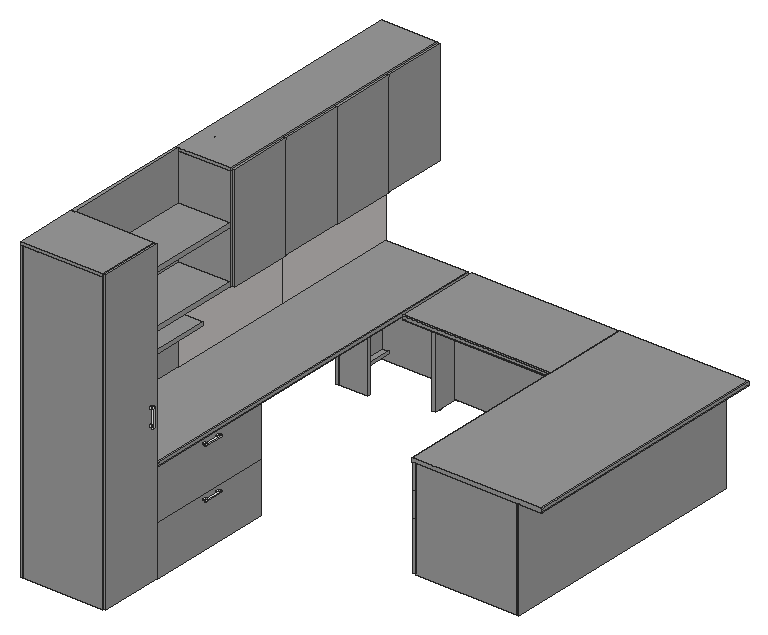
Revit family "JSI-Vision-Typical_Laminate-VST125", category Furniture, Revit 2020 (continued)
Definition of nested family "JSI-Vision-Modular_Lateral_File_Pedestal"
  Definition of nested family "Bar Pull"
    Dimensions and locks (in)
      plane 4 to plane 5 to plane 3 "Center Left/Right" to plane 7 to plane 6 = 0.8" locked, 1.88731" locked, 1.88731" locked, 0.8" locked
      plane 8 to plane 9 to plane 1 "Center Front/Back" = 0.14798" locked, 0.85202" locked
      aligned and locked: level to plane 2
      aligned and locked: plane 4 to Extrusion 3
      aligned and locked: Extrusion 3 to plane 5
      aligned and locked: plane 4 to Extrusion 2
      aligned and locked: Extrusion 1 to plane 7
      aligned and locked: plane 6 to Extrusion 1
      aligned and locked: plane 6 to Extrusion 2
      aligned and locked: plane 8 to Extrusion 2 sketch curve
      aligned and locked: Extrusion 3 to plane 1 "Center Front/Back"
      aligned and locked: Extrusion 1 to plane 1 "Center Front/Back"
      aligned and locked: plane 5 to Extrusion 3
      aligned and locked: Extrusion 3 to plane 4
      aligned and locked: Extrusion 2 to plane 4
      aligned and locked: plane 7 to Extrusion 1
      aligned and locked: Extrusion 1 to plane 6
      aligned and locked: Extrusion 2 to plane 6
  Definition of nested family "Label 1-16"
    Parameters
      Width = 1"
      Model Name = "2 Drw - 2 Drs"
    Reference planes (in)
      plane 1: y = 0
      plane 2: x = 0
    Text (in)
      label "XX" at (0.00051, -0.12324, 0), shows "Model Name"
Definition of nested family "JSI-Vision-Adjustable_Casegood-L_Shape-Modesty_Desk-Bridge"
  Parameters (values of type "VST3672-U42AHFR - Adjustable Casegood L Shape 78"D x 72"W x 29 1/2"-49 1/8"H")
    Width = 72"
    URL = "www.jsifurniture.com"
    Type Comments = ""
    Top Finish = none
    Support Finish = none
    Side Finish = none
    Series = "Vision Casegoods"  # constant formula
    Pull Finish = none
    Post Finish = none
    Modesty Finish = none
    Model = "VST3672-U42AHFR"
    Material = ""
    Manufacturer = "JSI"  # constant formula
    Keynote = "12500"  # constant formula
    JSI Enviromental Website = "http://www.jsifurniture.com/jsi_sustainability_intro.php"
    Height = 29 5/16"
    Glide Finish = none
    Edge Finish = none
    Drawer Finish = none
    Divider Finish = none
    Description = "Adjustable Casegood L Shape Flush Modesty Desk and Bridge Laminate - 78\"D x 72\"W x 29 1/2\"-49 1/8\"H"
    Depth = 78"
    Default Elevation = 0"
    Case Finish = none
    Back Finish = none
    Assembly Code = "E2020200"
    Adj Post Finish = none
  Types (2): name | Model | Height | Description
    VST3672-U42AHFR - Adjustable Casegood L Shape 78"D x 72"W x 29 1/2"-49 1/8"H | "VST3672-U42AHFR" | 29 5/16" | "Adjustable Casegood L Shape Flush Modesty Desk and Bridge Laminate - 78\"D x 72\"W x 29 1/2\"-49 1/8\"H"
    VSV3672-U42AHFR - Adjustable Casegood L Shape 78"D x 72"W x 29 1/2"-49 1/8"H | "VSV3672-U42AHFR" | 29.313" | "Adjustable Casegood L Shape Flush Modesty Desk and Bridge Veneer - 78\"D x 72\"W x 29 1/2\"-49 1/8\"H"
  Reference planes (in)
    plane 1 "Center Front/Back": y = 0
    plane 2: z = 0
    plane 3 "Center Left/Right": x = 0
    plane 4: z = 0.3125
    plane 5: z = 28.125
    plane 6: z = 29.3125
    plane 7: y = -36
    plane 8: y = -76.9375
    plane 9: x = 72
    plane 10: y = -8.49999
    plane 11: y = -41.48437
    plane 12: y = -74.46874
    plane 13: y = -78
  Forms (in)
    Extrusion 1, solid, material <- "Top Finish"
      sketch origin (0, 0, 0) x (0, 1, 0) y (0, 0, 1)
        loop
          arc (-35.875, 29.3125) -> (-35.96339, 29.27589) -> (-36, 29.1875) r 0.125
          line (-36, 29.1875) -> (-36, 28.25)
          arc (-36, 28.25) -> (-35.96339, 28.16161) -> (-35.875, 28.125) r 0.125
          line (-35.875, 28.125) -> (-0.11811, 28.125)
          arc (-0.11811, 28.125) -> (-0.03459, 28.15959) -> (0, 28.24311) r 0.11811
          line (0, 28.24311) -> (0, 29.19439)
          arc (0, 29.19439) -> (-0.03459, 29.27791) -> (-0.11811, 29.3125) r 0.11811
          line (-0.11811, 29.3125) -> (-35.875, 29.3125)
      from 0 to 72
    Extrusion 2, solid, material <- "Top Finish"
      sketch origin (0, 0, 0) x (1, 0, 0) y (0, 0, 1)
        loop
          line (24, 28.24311) -> (24, 29.19439)
          arc (24, 29.19439) -> (23.96541, 29.27791) -> (23.88189, 29.3125) r 0.11811
          line (23.88189, 29.3125) -> (0, 29.3125) -> (0, 28.125) -> (23.88189, 28.125)
          arc (23.88189, 28.125) -> (23.96541, 28.15959) -> (24, 28.24311) r 0.11811
      from 36 to 76.9375
    Extrusion 3, solid, material <- "Back Finish"
      sketch origin (0, 0, 0) x (1, 0, 0) y (0, 1, 0)
        loop
          line (71.94911, -6.25) -> (0.0741, -6.25) -> (0.0741, -7) -> (71.94911, -7) -> (71.94911, -6.25)
      from 0.3125 to 28.125
    Extrusion 4, solid, material <- "Drawer Finish"
      sketch origin (0, 0, 0) x (0, 1, 0) y (0, 0, 1)
        loop
          line (-35.875, 21.285) -> (-35.125, 21.285) -> (-35.125, 28.125) -> (-35.875, 28.125) -> (-35.875, 21.285)
        loop
          line (-35.875, 21.16) -> (-35.875, 14.32) -> (-35.125, 14.32) -> (-35.125, 21.16) -> (-35.875, 21.16)
        loop
          line (-35.875, 14.195) -> (-35.875, 0.4525) -> (-35.125, 0.4525) -> (-35.125, 14.195) -> (-35.875, 14.195)
      from 56.35536 to 71.85536
    Extrusion 5, solid, material <- "Side Finish"
      sketch origin (0, 0, 0) x (1, 0, 0) y (0, 1, 0)
        loop
          line (0.85535, -77.90625) -> (12.85535, -77.90625) -> (12.85535, -76.71875) -> (0.85535, -76.71875) -> (0.85535, -77.90625)
      from 0.3125 to 28.125
    Extrusion 6, solid, material <- "Case Finish"
      sketch origin (0, 0, 0) x (1, 0, 0) y (0, 1, 0)
        loop
          line (5.98035, -75.96875) -> (0.85535, -75.96875) -> (0.85535, -76.71875) -> (5.98035, -76.71875) -> (5.98035, -75.96875)
      from 0.3125 to 24.9375
    Extrusion 7, solid, material <- "Case Finish"
      sketch origin (0, 0, 0) x (1, 0, 0) y (0, 1, 0)
        loop
          line (6.73035, -76.59375) -> (6.73035, -11.625) -> (5.98035, -11.625) -> (5.98035, -76.59375) -> (6.73035, -76.59375)
      from 0.95805 to 25.6768
    Extrusion 8, solid, material <- "Modesty Finish"
      sketch origin (0, 0, 0) x (1, 0, 0) y (0, 1, 0)
        loop
          line (1.08574, -8) -> (70.96075, -8) -> (70.96075, -7.25) -> (1.08574, -7.25) -> (1.08574, -8)
      from 5.56275 to 28.125
    Extrusion 9, solid, material <- "Side Finish"
      sketch origin (0, 0, 0) x (1, 0, 0) y (0, 1, 0)
        loop
          line (71.16786, -7) -> (71.16786, -35.125) -> (71.91786, -35.125) -> (71.91786, -7) -> (71.16786, -7)
      from 0.3125 to 28.125
    Extrusion 10, solid, material <- "Side Finish"
      sketch origin (0, 0, 0) x (0, 1, 0) y (0, 0, 1)
        loop
          line (-8.375, 25.7185) -> (-21.84375, 25.7185)
          arc (-21.84375, 25.7185) -> (-22.72321, 26.00336) -> (-23.26863, 26.74975) r 1.5
          arc (-23.26863, 26.74975) -> (-23.99586, 27.74494) -> (-25.16846, 28.12475) r 2
          line (-25.16846, 28.12475) -> (-35.125, 28.12475) -> (-35.125, 0.3125) -> (-7, 0.3125) -> (-7, 5.0625) -> (-8.125, 5.0625)
          arc (-8.125, 5.0625) -> (-8.30178, 5.13572) -> (-8.375, 5.3125) r 0.25
          line (-8.375, 5.3125) -> (-8.375, 25.7185)
      from 56.29286 to 57.04286
    Extrusion 11, solid, material <- "Back Finish"
      sketch origin (0, 0, 0) x (1, 0, 0) y (0, 1, 0)
        loop
          line (0.85535, -78) -> (0.85535, -7) -> (0.10535, -7) -> (0.10535, -78) -> (0.85535, -78)
      from 0.3125 to 28.125
    Extrusion 12, solid, material <- "Case Finish"
      sketch origin (0, 0, 0) x (1, 0, 0) y (0, 1, 0)
        loop
          line (5.98035, -7) -> (0.85535, -7) -> (0.85535, -75.96875) -> (5.98035, -75.96875) -> (5.98035, -7)
      from 0.96875 to 2.15625
    Revolve 13, solid, material <- "Glide Finish"
      sketch origin (3.41912, 0, 0) x (0, 1, 0) y (0, 0, 1)
        loop
          line (-8.49999, 2.3868) -> (-8.49999, 0) -> (-7.44326, 0)
          arc (-7.44326, 0) -> (-7.35488, 0.03661) -> (-7.31826, 0.125) r 0.125
          line (-7.31826, 0.125) -> (-7.31826, 0.26314)
          arc (-7.31826, 0.26314) -> (-7.35448, 0.35058) -> (-7.44193, 0.3868) r 0.12366
          line (-7.44193, 0.3868) -> (-8.34247, 0.3868) -> (-8.34247, 2.3868) -> (-8.49999, 2.3868)
        axis (-8.49999, 2.3868) -> (-8.49999, 0)
      angle from 0 to 360
    Revolve 14, solid, material <- "Glide Finish"
      sketch origin (3.41912, 0, 0) x (0, 1, 0) y (0, 0, 1)
        loop
          line (-41.48437, 2.3868) -> (-41.48437, 0) -> (-40.42764, 0)
          arc (-40.42764, 0) -> (-40.33925, 0.03661) -> (-40.30264, 0.125) r 0.125
          line (-40.30264, 0.125) -> (-40.30264, 0.26314)
          arc (-40.30264, 0.26314) -> (-40.33886, 0.35058) -> (-40.4263, 0.3868) r 0.12366
          line (-40.4263, 0.3868) -> (-41.32685, 0.3868) -> (-41.32685, 2.3868) -> (-41.48437, 2.3868)
        axis (-41.48437, 2.3868) -> (-41.48437, 0)
      angle from 0 to 360
    Revolve 15, solid, material <- "Glide Finish"
      sketch origin (3.41912, 0, 0) x (0, 1, 0) y (0, 0, 1)
        loop
          line (-74.46874, 2.3868) -> (-74.46874, 0) -> (-73.41201, 0)
          arc (-73.41201, 0) -> (-73.32363, 0.03661) -> (-73.28701, 0.125) r 0.125
          line (-73.28701, 0.125) -> (-73.28701, 0.26314)
          arc (-73.28701, 0.26314) -> (-73.32323, 0.35058) -> (-73.41068, 0.3868) r 0.12366
          line (-73.41068, 0.3868) -> (-74.31122, 0.3868) -> (-74.31122, 2.3868) -> (-74.46874, 2.3868)
        axis (-74.46874, 2.3868) -> (-74.46874, 0)
      angle from 0 to 360
    Extrusion 16, solid, material <- "Glide Finish"
      sketch origin (0, 0, 0) x (1, 0, 0) y (0, 1, 0)
        loop
          circle (10.85535, -77.3125) r 0.43307
        loop
          circle (70.16786, -7.40625) r 0.43307
        loop
          circle (58.04286, -7.40625) r 0.43307
        loop
          circle (58.04286, -33.99016) r 0.43307
        loop
          circle (70.16765, -33.99028) r 0.43307
      from 0 to 0.3125
    Extrusion 17, solid, material <- "Case Finish"
      sketch origin (0, 0, 0) x (1, 0, 0) y (0, 0, 1)
        loop
          line (5.98035, 25.6768) -> (0.85535, 25.6768) -> (0.85535, 24.9375) -> (5.98035, 24.9375) -> (5.98035, 25.6768)
      from 11.5 to 76.71875
    Extrusion 18, solid, material <- "Side Finish"
      sketch origin (0, 0, 0) x (1, 0, 0) y (0, 1, 0)
        loop
          line (0.85535, -12.25) -> (5.98035, -12.25) -> (5.98035, -11.5) -> (0.85535, -11.5) -> (0.85535, -12.25)
      from 2.15625 to 24.9375
  Lines and regions (in)
    symbolic lines
      curve 1: line (0, -36, 0) -> (72, -36, 0)
      curve 2: line (0, 0, 0) -> (0, -36, 0)
      curve 3: line (72, 0, 0) -> (0, 0, 0)
      curve 4: line (72, -36, 0) -> (72, 0, 0)
      curve 5: line (24, -76.9375, 0) -> (24, -36, 0)
      curve 6: line (24, -76.9375, 0) -> (0, -76.9375, 0)
      curve 7: line (0, -76.9375, 0) -> (0, -36, 0)
      curve 8: line (0.85535, -77.90625, 0) -> (12.85535, -77.90625, 0)
      curve 9: line (12.85535, -77.90625, 0) -> (12.85535, -76.71875, 0)
      curve 10: line (0.10535, -78, 0) -> (0.85535, -78, 0)
      curve 11: line (0.10535, -78, 0) -> (0.10535, -76.9375, 0)
      curve 12: line (0.85535, -78, 0) -> (0.85535, -76.9375, 0)
      curve 13: line (12.85535, -76.71875, 0) -> (0.85535, -76.71875, 0)
      curve 14: line (0.85535, -76.9375, 0) -> (0.85535, -7, 0)
      curve 15: line (0.10535, -7, 0) -> (0.10535, -78, 0)
      curve 16: line (0.0741, -6.25, 0) -> (71.94911, -6.25, 0)
      curve 17: line (0.0741, -7, 0) -> (0.0741, -6.25, 0)
      curve 18: line (71.94911, -7, 0) -> (0.0741, -7, 0)
      curve 19: line (71.94911, -6.25, 0) -> (71.94911, -7, 0)
      curve 20: line (56.29286, -7, 0) -> (56.29286, -35.125, 0)
      curve 21: line (57.04286, -35.125, 0) -> (57.04286, -7, 0)
      curve 22: line (71.16786, -7, 0) -> (71.16786, -35.125, 0)
      curve 23: line (71.85536, -35.125, 0) -> (56.35536, -35.125, 0)
      curve 24: line (56.35536, -35.125, 0) -> (56.35536, -35.875, 0)
      curve 25: line (56.35536, -35.875, 0) -> (71.85536, -35.875, 0)
      curve 26: line (71.85536, -35.875, 0) -> (71.85536, -35.125, 0)
      curve 27: line (71.91786, -35.125, 0) -> (71.91786, -7, 0)
      curve 28: line (6.73035, -76.59375, 0) -> (6.73035, -11.625, 0)
      curve 29: line (6.73035, -11.625, 0) -> (5.98035, -11.625, 0)
      curve 30: line (5.98035, -76.71875, 0) -> (5.98035, -7, 0)
      curve 31: line (5.98035, -11.5, 0) -> (0.85535, -11.5, 0)
      curve 32: line (0.85535, -12.25, 0) -> (5.98035, -12.25, 0)
      curve 33: line (5.98035, -76.59375, 0) -> (6.73035, -76.59375, 0)
      curve 34: line (5.98035, -75.96875, 0) -> (0.85535, -75.96875, 0)
  Dimensions and locks (in)
    locked: plane 2 to plane 4 at 0.3125
    "Height": plane 6 to plane 2
    locked: plane 6 to plane 5 at 1.1875
    locked: plane 1 "Center Front/Back" to plane 7 at 36
    "Width": plane 3 "Center Left/Right" to plane 9
    locked: Extrusion 2 sketch curve to plane 3 "Center Left/Right" at 24
    locked: Extrusion 3 sketch curve to plane 9 at 0.05089
    locked: plane 3 "Center Left/Right" to Extrusion 3 sketch curve at 0.0741
    Extrusion 3 sketch curve to Extrusion 3 sketch curve to plane 1 "Center Front/Back" = 3/4" locked, 6 1/4" locked
    Extrusion 4 to Extrusion 4 to plane 9 = 15 1/2" locked, 0.14464" locked
    equal spacing: Extrusion 4, nested 3, Extrusion 4
    equal spacing: Extrusion 4, nested 2, Extrusion 4
    equal spacing: Extrusion 4, nested 1, Extrusion 4
    plane 3 "Center Left/Right" to Extrusion 5 sketch curve to Extrusion 5 sketch curve = 0.85535" locked, 12" locked
    Extrusion 5 sketch curve to plane 8 to Extrusion 5 sketch curve = 7/32" locked, 31/32" locked
    locked: Extrusion 7 sketch curve to plane 1 "Center Front/Back" at 11.625
    locked: Extrusion 7 sketch curve to plane 8 at 0.34375
    plane 3 "Center Left/Right" to Extrusion 7 sketch curve to Extrusion 7 sketch curve = 5.98035" locked, 3/4" locked
    Extrusion 9 sketch curve to Extrusion 9 sketch curve to plane 1 "Center Front/Back" = 28 1/8" locked, 7" locked
    Extrusion 9 sketch curve to Extrusion 9 sketch curve to plane 9 = 3/4" locked, 0.08214" locked
    Extrusion 10 to Extrusion 10 to plane 9 = 3/4" locked, 14.95714" locked
    locked: Extrusion 11 sketch curve to plane 1 "Center Front/Back" at 7
    locked: Extrusion 8 to plane 4 at 5.25025
    Extrusion 9 to plane 9 = 0.08214"
    Extrusion 12 to Extrusion 12 to plane 4 = 1 3/16" locked, 21/32" locked
    locked: nested 4 to plane 8 at 12.9375
    locked: plane 12 to plane 8 at 2.46876
    locked: plane 7 to plane 11 at 5.48437
    locked: plane 1 "Center Front/Back" to plane 10 at 8.49999
    Revolve 13 sketch curve to Revolve 13 sketch curve to Revolve 13 sketch curve to plane 10 = 1/8" locked, 0.89921" locked, 0.15752" locked
    Revolve 13 sketch curve to Revolve 13 sketch curve to Revolve 13 sketch curve to Revolve 13 sketch curve to plane 2 = 2" locked, 0.12366" locked, 0.13814" locked, 1/8" locked
    Revolve 14 sketch curve to Revolve 14 sketch curve to Revolve 14 sketch curve to plane 11 = 1/8" locked, 0.89921" locked, 0.15752" locked
    Revolve 14 sketch curve to Revolve 14 sketch curve to Revolve 14 sketch curve to Revolve 14 sketch curve to plane 2 = 2" locked, 0.12366" locked, 0.13814" locked, 1/8" locked
    Revolve 15 sketch curve to Revolve 15 sketch curve to Revolve 15 sketch curve to Revolve 15 sketch curve = 1/8" locked, 0.89921" locked, 0.15752" locked
    Revolve 15 sketch curve to Revolve 15 sketch curve to Revolve 15 sketch curve to Revolve 15 sketch curve to plane 2 = 2" locked, 0.12366" locked, 0.13814" locked, 1/8" locked
    locked: Revolve 15 to plane 3 "Center Left/Right" at 3.41912
    Extrusion 16 sketch curve to Extrusion 16 sketch curve to plane 9 = 12 1/8" locked, 1.83214" locked
    Extrusion 16 sketch curve to Extrusion 16 sketch curve to plane 9 = 12.12479" locked, 1.83235" locked
    locked: Extrusion 16 sketch curve to plane 7 at 2.00972
    locked: Extrusion 16 sketch curve to plane 1 "Center Front/Back" at 7.40625  (x2)
    locked: Extrusion 16 sketch curve to plane 7 at 2.00984
    Extrusion 17 sketch curve to Extrusion 6 = 0.7393"
    plane 10 to Extrusion 18 sketch curve to Extrusion 18 sketch curve = 3" locked, 3/4" locked
    "Depth": plane 1 "Center Front/Back" to plane 13
    locked: Extrusion 11 to Extrusion 4 sketch curve at 0.14
    Extrusion 4 sketch curve to Extrusion 4 sketch curve to Extrusion 4 sketch curve to Extrusion 4 sketch curve to Extrusion 1 = 1/8" locked, 6.84" locked, 1/8" locked, 6.84" locked
    locked: Extrusion 1 to nested 3 at 0.75
    locked: Extrusion 4 to nested 2 at 0.75
    locked: Extrusion 4 to nested 1 at 0.75
    aligned and locked: level to plane 2
    aligned and locked: Extrusion 1 sketch curve to plane 5
    aligned and locked: Extrusion 1 sketch curve to plane 6
    aligned and locked: Extrusion 1 sketch curve to plane 1 "Center Front/Back"
    aligned and locked: Extrusion 1 sketch curve to plane 7
    aligned and locked: Extrusion 1 to plane 9
    aligned and locked: Extrusion 1 to plane 3 "Center Left/Right"
    aligned and locked: plane 6 to Extrusion 2 sketch curve
    aligned and locked: Extrusion 2 sketch curve to plane 5
    aligned and locked: Extrusion 2 sketch curve to plane 3 "Center Left/Right"
    aligned and locked: plane 7 to Extrusion 2
    aligned and locked: Extrusion 2 to plane 8
    aligned and locked: plane 4 to Extrusion 3
    aligned and locked: plane 5 to Extrusion 3
    aligned and locked: Extrusion 4 sketch curve to Extrusion 4 sketch curve  (x4)
    aligned and locked: Extrusion 4 to nested 3
    aligned and locked: Extrusion 4 to nested 2
    aligned and locked: Extrusion 4 to nested 1
    aligned and locked: plane 4 to Extrusion 11
    aligned and locked: plane 5 to Extrusion 11
    aligned and locked: plane 4 to Extrusion 5
    aligned and locked: plane 5 to Extrusion 5
    aligned and locked: plane 5 to Extrusion 8
    aligned and locked: plane 4 to Extrusion 9
    aligned and locked: plane 5 to Extrusion 9
    aligned and locked: Extrusion 12 to Extrusion 3
    aligned and locked: Extrusion 12 to Extrusion 11
    aligned and locked: Extrusion 12 to Extrusion 7
    aligned and locked: Extrusion 12 to Extrusion 6
    aligned and locked: nested 4 to Extrusion 11
    aligned and locked: plane 2 to Revolve 13 sketch curve
    aligned and locked: plane 10 to Revolve 13 sketch curve
    aligned and locked: Revolve 13 sketch curve to plane 10
    aligned and locked: plane 11 to Revolve 14 sketch curve
    aligned and locked: plane 12 to Revolve 15 sketch curve
    aligned and locked: Extrusion 16 to plane 4
    aligned and locked: Extrusion 16 to plane 2
    aligned and locked: plane 4 to Extrusion 6
    aligned and locked: Extrusion 18 sketch curve to Extrusion 7
    aligned and locked: Extrusion 18 to Extrusion 12
    aligned and locked: Extrusion 6 to Extrusion 18
    aligned and locked: Extrusion 17 to Extrusion 18
    aligned and locked: Extrusion 6 to Extrusion 17
    aligned and locked: nested 5 to Extrusion 11
    aligned and locked: nested 5 to plane 9
    aligned and locked: Extrusion 11 sketch curve to plane 13
    aligned and locked: nested 5 to plane 6
    aligned and locked: plane 6 to nested 4
    aligned and locked: curve 1 to Extrusion 1
    aligned and locked: curve 2 to Extrusion 2
    aligned and locked: curve 3 to Extrusion 1
    aligned and locked: curve 4 to Extrusion 1
    aligned and locked: curve 5 to Extrusion 2
    aligned and locked: curve 8 to Extrusion 5
    aligned and locked: curve 9 to Extrusion 5
    aligned and locked: curve 10 to Extrusion 11
    aligned and locked: curve 11 to Extrusion 11
    aligned and locked: curve 12 to Extrusion 11
    aligned and locked: curve 15 to Extrusion 11
    aligned and locked: curve 16 to Extrusion 3
    aligned and locked: curve 17 to Extrusion 3
    aligned and locked: curve 18 to Extrusion 3
    aligned and locked: curve 19 to Extrusion 3
    aligned and locked: curve 20 to Extrusion 10
    aligned and locked: curve 21 to Extrusion 10
    aligned and locked: curve 22 to Extrusion 9
    aligned and locked: curve 23 to Extrusion 4
    aligned and locked: curve 24 to Extrusion 4
    aligned and locked: curve 25 to Extrusion 4
    aligned and locked: curve 26 to Extrusion 4
    aligned and locked: curve 27 to Extrusion 9
    aligned and locked: curve 28 to Extrusion 7
    aligned and locked: curve 29 to Extrusion 7
    aligned and locked: curve 30 to Extrusion 12
    aligned and locked: curve 31 to Extrusion 17
    aligned and locked: curve 32 to Extrusion 18
    aligned and locked: curve 33 to Extrusion 7
    aligned and locked: curve 34 to Extrusion 6
    aligned and locked: Extrusion 4 sketch curve to Extrusion 1
  Automatic sketch dimensions
    plane 5 to Extrusion 1 sketch curve = 1/8"
    Extrusion 1 sketch curve to plane 6 = 1/8"
    plane 1 "Center Front/Back" to Extrusion 1 sketch curve = 0.11811"  (x2)
    plane 5 to Extrusion 2 sketch curve = 0.11811"
    Extrusion 2 sketch curve to Extrusion 2 sketch curve = 0"
    plane 7 to Extrusion 4 sketch curve = 1/8"
    Extrusion 4 sketch curve to Extrusion 4 sketch curve = 3/4"
    plane 3 "Center Left/Right" to Extrusion 6 sketch curve = 0.85535"
    plane 8 to Extrusion 6 sketch curve = 7/32"
    Extrusion 6 sketch curve to Extrusion 6 sketch curve = 5 1/8"
    Extrusion 6 sketch curve to Extrusion 6 sketch curve = 3/4"
    plane 3 "Center Left/Right" to Extrusion 8 sketch curve = 1.08574"
    plane 9 to Extrusion 8 sketch curve = 1.03925"
    plane 1 "Center Front/Back" to Extrusion 8 sketch curve = 8"
    Extrusion 8 sketch curve to Extrusion 8 sketch curve = 3/4"
    Extrusion 10 sketch curve to plane 4 = 0"
    Extrusion 10 sketch curve to plane 5 = 0.00025"
    plane 7 to Extrusion 10 sketch curve = 7/8"
    Extrusion 10 sketch curve to plane 5 = 2.00025"
    Extrusion 10 sketch curve to Extrusion 10 sketch curve = 9.95654"
    Extrusion 10 sketch curve to Extrusion 10 sketch curve = 3.32471"
    Extrusion 10 sketch curve to plane 4 = 5"
    plane 1 "Center Front/Back" to Extrusion 10 sketch curve = 8 3/8"
    Extrusion 10 sketch curve to Extrusion 10 sketch curve = 1/4"
    Extrusion 10 sketch curve to Extrusion 10 sketch curve = 1 1/8"
    Extrusion 10 sketch curve to plane 5 = 2.4065"
    Extrusion 10 sketch curve to plane 5 = 0.9065"
    plane 3 "Center Left/Right" to Extrusion 11 sketch curve = 0.10535"
    Extrusion 11 sketch curve to Extrusion 11 sketch curve = 3/4"
    plane 3 "Center Left/Right" to Extrusion 12 sketch curve = 0.85535"
    plane 8 to Extrusion 12 sketch curve = 31/32"
    plane 1 "Center Front/Back" to Extrusion 12 sketch curve = 7"
    Extrusion 12 sketch curve to Extrusion 12 sketch curve = 5 1/8"
    Revolve 13 sketch curve to level = 1.18742"
    Revolve 13 sketch curve to Revolve 13 sketch curve = 45/256"
    Revolve 14 sketch curve to plane 11 = 0"
    Revolve 14 sketch curve to level = 1.18742"
    Revolve 14 sketch curve to Revolve 14 sketch curve = 45/256"
    Revolve 15 sketch curve to Revolve 15 sketch curve = 0"
    Revolve 15 sketch curve to Revolve 15 sketch curve = 1.18742"
    Revolve 15 sketch curve to Revolve 15 sketch curve = 45/256"
    Extrusion 16 sketch curve to plane 8 = 3/8"
    plane 3 "Center Left/Right" to Extrusion 16 sketch curve = 10.85535"
    plane 3 "Center Left/Right" to Extrusion 17 sketch curve = 0.85535"
    Extrusion 17 sketch curve to Extrusion 17 sketch curve = 5 1/8"
    Extrusion 17 sketch curve to Extrusion 17 sketch curve = 0.7393"
    plane 3 "Center Left/Right" to Extrusion 18 sketch curve = 0.85535"
    curve 14 to plane 8 = 0"
    curve 15 to curve 14 = 3/4"
    curve 8 to curve 10 = 0"
    curve 30 to curve 33 = 1/8"
    curve 23 to curve 27 = 0"
    curve 20 to curve 23 = 0"
    curve 17 to curve 15 = 0"
    curve 27 to curve 18 = 0"
    radius of Extrusion 16 sketch curve = 0.43307"  (x5)
  Nested families (in)
    nested 1: "Bar Pull" at (64.10536, -35.875, 13.445), Pull Finish <- "Pull Finish", type "PL"
      with Pull Finish none
    nested 2: "Bar Pull" at (64.10536, -35.875, 20.41), Pull Finish <- "Pull Finish", type "PL"
      with Pull Finish none
    nested 3: "Bar Pull" at (64.10536, -35.875, 27.375), Pull Finish <- "Pull Finish", type "PL"
      with Pull Finish none
    nested 4: "Mechanism" at (0.10535, -64, 0) x (0, 1, 0) z (0, 0, 1), Adj Post Finish <- "Adj Post Finish", Post Finish <- "Post Finish", Support Finish <- "Support Finish", type "Mechanism"
      with Support Finish none, Post Finish none, Height 29 5/16", Adj Post Finish none
    nested 5: "Double_Mechanism" at (0.10535, -19.75, 0) x (0, 1, 0) z (0, 0, 1), Adj Post Finish <- "Adj Post Finish", Post Finish <- "Post Finish", Support Finish <- "Support Finish", type "Double_Mechanism"
      with Support Finish none, Post Finish none, Height 29 5/16", Adj Post Finish none
  Definition of nested family "Bar Pull"
    Parameters (values of type "PL")
      Pull Finish [instance] = none
      Default Elevation = 0"
    Reference planes (in)
      plane 1 "Center Front/Back": y = 0
      plane 2: z = 0
      plane 3 "Center Left/Right": x = 0
      plane 4: x = -2.68731
      plane 5: x = -1.88731
      plane 6: x = 2.68731
      plane 7: x = 1.88731
      plane 8: y = -1
      plane 9: y = -0.85202
    Forms (in)
      Extrusion 1, solid, material <- "Pull Finish"
        sketch origin (0, 0, 0) x (0, 1, 0) y (0, 0, 1)
          loop
            line (0, -0.2015) -> (0, 0.2015) -> (-0.85202, 0.2015)
            arc (-0.85202, 0.2015) -> (-0.75, 0) -> (-0.85202, -0.2015) r 0.25
            line (-0.85202, -0.2015) -> (0, -0.2015)
        from 1.88731 to 2.68731
      Extrusion 2, solid, material <- "Pull Finish"
        sketch origin (0, 0, 0) x (0, 1, 0) y (0, 0, 1)
          loop
            circle (-1, 0) r 0.25
        from -2.68731 to 2.68731
      Extrusion 3, solid, material <- "Pull Finish"
        sketch origin (0, 0, 0) x (0, 1, 0) y (0, 0, -1)
          loop
            line (0, 0.2015) -> (-0.85202, 0.2015)
            arc (-0.85202, 0.2015) -> (-0.75, 0) -> (-0.85202, -0.2015) r 0.25
            line (-0.85202, -0.2015) -> (0, -0.2015) -> (0, 0.2015)
        from 1.88731 to 2.68731
    Dimensions and locks (in)
      plane 4 to plane 5 to plane 3 "Center Left/Right" to plane 7 to plane 6 = 0.8" locked, 1.88731" locked, 1.88731" locked, 0.8" locked
      plane 8 to plane 9 to plane 1 "Center Front/Back" = 0.14798" locked, 0.85202" locked
      aligned and locked: level to plane 2
      aligned and locked: plane 4 to Extrusion 3
      aligned and locked: Extrusion 3 to plane 5
      aligned and locked: plane 4 to Extrusion 2
      aligned and locked: Extrusion 1 to plane 7
      aligned and locked: plane 6 to Extrusion 1
      aligned and locked: plane 6 to Extrusion 2
      aligned and locked: plane 8 to Extrusion 2 sketch curve
      aligned and locked: Extrusion 3 to plane 1 "Center Front/Back"
      aligned and locked: Extrusion 1 to plane 1 "Center Front/Back"
      aligned and locked: plane 5 to Extrusion 3
      aligned and locked: Extrusion 3 to plane 4
      aligned and locked: Extrusion 2 to plane 4
      aligned and locked: plane 7 to Extrusion 1
      aligned and locked: Extrusion 1 to plane 6
      aligned and locked: Extrusion 2 to plane 6
  Definition of nested family "Mechanism"
    Parameters (values of type "Mechanism")
      Support Finish [instance] = none
      Post Finish [instance] = none
      Height [instance] = 29 1/2"
      Default Elevation = 0"
      Adj Post Finish [instance] = none
    Reference planes (in)
      plane 1 "Center (Front/Back)": y = 0
      plane 2: z = 0
      plane 3 "Center (Left/Right)": x = 0
      plane 4: z = 29.5
    Forms (in)
      Extrusion 1, solid, material <- "Adj Post Finish"
        sketch origin (0, 0, 0) x (1, 0, 0) y (0, 1, 0)
          loop
            line (1.07283, -3.01629) -> (-1.07283, -3.01629)
            arc (-1.07283, -3.01629) -> (-1.14243, -3.04512) -> (-1.17126, -3.11472) r 0.09843
            line (-1.17126, -3.11472) -> (-1.17126, -5.26039)
            arc (-1.17126, -5.26039) -> (-1.14243, -5.32998) -> (-1.07283, -5.35881) r 0.09843
            line (-1.07283, -5.35881) -> (1.07283, -5.35881)
            arc (1.07283, -5.35881) -> (1.14243, -5.32998) -> (1.17126, -5.26039) r 0.09843
            line (1.17126, -5.26039) -> (1.17126, -3.11472)
            arc (1.17126, -3.11472) -> (1.14243, -3.04512) -> (1.07283, -3.01629) r 0.09843
        from 3.04478 to 26.43059
      Extrusion 2, solid, material <- "Support Finish"
        sketch origin (0, 0, 0) x (0, 1, 0) y (0, 0, 1)
          loop
            line (-2.02145, 26.43059) -> (-2.02145, 28.281) -> (-10.68287, 28.281) -> (-10.68287, 28.006) -> (-10.12077, 28.006) -> (-9.62058, 26.43059) -> (-2.02145, 26.43059)
        from -1.89028 to 1.90897
      Extrusion 3, solid, material <- "Post Finish"
        sketch origin (0, 0, 0) x (1, 0, 0) y (0, 1, 0)
          loop
            line (1.25984, -2.82928) -> (-1.25984, -2.82928)
            arc (-1.25984, -2.82928) -> (-1.32944, -2.85811) -> (-1.35827, -2.92771) r 0.09843
            line (-1.35827, -2.92771) -> (-1.35827, -5.44739)
            arc (-1.35827, -5.44739) -> (-1.32944, -5.51699) -> (-1.25984, -5.54582) r 0.09843
            line (-1.25984, -5.54582) -> (1.25984, -5.54582)
            arc (1.25984, -5.54582) -> (1.32944, -5.51699) -> (1.35827, -5.44739) r 0.09843
            line (1.35827, -5.44739) -> (1.35827, -2.92771)
            arc (1.35827, -2.92771) -> (1.32944, -2.85811) -> (1.25984, -2.82928) r 0.09843
        from 2.6907 to 26.07653
      Extrusion 4, solid, material <- "Support Finish"
        sketch origin (0, 0, 0) x (1, 0, 0) y (0, 0, 1)
          loop
            line (-9.29531, 28.31275) -> (-9.29531, 27.76028)
            arc (-9.29531, 27.76028) -> (-9.19861, 27.50857) -> (-8.95824, 27.38635) r 0.37595
            line (-8.95824, 27.38635) -> (-2.81264, 26.74737)
            arc (-2.81264, 26.74737) -> (-2.56313, 26.62356) -> (-2.45567, 26.36659) r 0.39848
            arc (-2.45567, 26.36659) -> (-2.33607, 26.10464) -> (-2.06697, 26.00212) r 0.37941
            line (-2.06697, 26.00212) -> (2.06697, 26.00212)
            arc (2.06697, 26.00212) -> (2.33607, 26.10464) -> (2.45567, 26.36659) r 0.37941
            arc (2.45567, 26.36659) -> (2.56313, 26.62356) -> (2.81264, 26.74737) r 0.39848
            line (2.81264, 26.74737) -> (8.95824, 27.38635)
            arc (8.95824, 27.38635) -> (9.19861, 27.50857) -> (9.29531, 27.76028) r 0.37595
            line (9.29531, 27.76028) -> (9.29531, 28.31275) -> (3.31697, 28.31275)
            arc (3.31697, 28.31275) -> (3.20561, 28.26662) -> (3.15949, 28.15527) r 0.15748
            line (3.15949, 28.15527) -> (3.15949, 27.17097)
            arc (3.15949, 27.17097) -> (3.14797, 27.14316) -> (3.12016, 27.13164) r 0.03933
            line (3.12016, 27.13164) -> (1.92012, 27.13164)
            arc (1.92012, 27.13164) -> (1.89172, 27.14341) -> (1.87996, 27.1718) r 0.04016
            line (1.87996, 27.1718) -> (1.87996, 28.31275) -> (-1.87996, 28.31275) -> (-1.87996, 27.17071)
            arc (-1.87996, 27.17071) -> (-1.8914, 27.14309) -> (-1.91902, 27.13164) r 0.03906
            line (-1.91902, 27.13164) -> (-3.12074, 27.13164)
            arc (-3.12074, 27.13164) -> (-3.14814, 27.14299) -> (-3.15949, 27.17039) r 0.03875
            line (-3.15949, 27.17039) -> (-3.15949, 28.15527)
            arc (-3.15949, 28.15527) -> (-3.20561, 28.26662) -> (-3.31697, 28.31275) r 0.15748
            line (-3.31697, 28.31275) -> (-9.29531, 28.31275)
        from 1.82657 to 1.94468
      Extrusion 5, solid, material <- "Support Finish"
        sketch origin (0, 0, 0) x (1, 0, 0) y (0, 0, 1)
          loop
            arc (-3.00155, 28.31275) -> (-3.05752, 28.28956) -> (-3.08071, 28.23359) r 0.07915
            line (-3.08071, 28.23359) -> (-3.08071, 27.20977)
            arc (-3.08071, 27.20977) -> (-3.05782, 27.15453) -> (-3.00258, 27.13164) r 0.07813
            line (-3.00258, 27.13164) -> (-1.97781, 27.13164)
            arc (-1.97781, 27.13164) -> (-1.92257, 27.15453) -> (-1.89968, 27.20977) r 0.07813
            line (-1.89968, 27.20977) -> (-1.89968, 28.23462)
            arc (-1.89968, 28.23462) -> (-1.92257, 28.28986) -> (-1.97781, 28.31275) r 0.07813
            line (-1.97781, 28.31275) -> (-3.00155, 28.31275)
          loop
            line (3.00155, 28.31275) -> (1.97781, 28.31275)
            arc (1.97781, 28.31275) -> (1.92257, 28.28986) -> (1.89968, 28.23462) r 0.07813
            line (1.89968, 28.23462) -> (1.89968, 27.20977)
            arc (1.89968, 27.20977) -> (1.92257, 27.15453) -> (1.97781, 27.13164) r 0.07813
            line (1.97781, 27.13164) -> (3.00258, 27.13164)
            arc (3.00258, 27.13164) -> (3.05782, 27.15453) -> (3.08071, 27.20977) r 0.07813
            line (3.08071, 27.20977) -> (3.08071, 28.23359)
            arc (3.08071, 28.23359) -> (3.05752, 28.28956) -> (3.00155, 28.31275) r 0.07915
        from 2.11987 to 15.3089
      Extrusion 6, solid, material <- "Support Finish"
        sketch origin (0, 0, 0) x (1, 0, 0) y (0, 0, 1)
          loop
            line (-3.15949, 27.17039) -> (-3.15949, 28.15527)
            arc (-3.15949, 28.15527) -> (-3.20561, 28.26662) -> (-3.31697, 28.31275) r 0.15748
            line (-3.31697, 28.31275) -> (-9.29531, 28.31275) -> (-9.29531, 28.19464) -> (-3.31697, 28.19464)
            arc (-3.31697, 28.19464) -> (-3.28913, 28.1831) -> (-3.2776, 28.15527) r 0.03937
            line (-3.2776, 28.15527) -> (-3.2776, 27.17101)
            arc (-3.2776, 27.17101) -> (-3.23147, 27.05966) -> (-3.12012, 27.01353) r 0.15748
            line (-3.12012, 27.01353) -> (-2.09649, 27.01353) -> (-2.09649, 27.13164) -> (-3.12074, 27.13164)
            arc (-3.12074, 27.13164) -> (-3.14814, 27.14299) -> (-3.15949, 27.17039) r 0.03875
          loop
            arc (3.15949, 27.17039) -> (3.14814, 27.14299) -> (3.12074, 27.13164) r 0.03875
            line (3.12074, 27.13164) -> (2.09649, 27.13164) -> (2.09649, 27.01353) -> (3.12012, 27.01353)
            arc (3.12012, 27.01353) -> (3.23147, 27.05966) -> (3.2776, 27.17101) r 0.15748
            line (3.2776, 27.17101) -> (3.2776, 28.15527)
            arc (3.2776, 28.15527) -> (3.28913, 28.1831) -> (3.31697, 28.19464) r 0.03937
            line (3.31697, 28.19464) -> (9.29531, 28.19464) -> (9.29531, 28.31275) -> (3.31697, 28.31275)
            arc (3.31697, 28.31275) -> (3.20561, 28.26662) -> (3.15949, 28.15527) r 0.15748
            line (3.15949, 28.15527) -> (3.15949, 27.17039)
        from 1.94468 to 4.38562
      Extrusion 7, void
        sketch origin (0, 0, 0) x (1, 0, 0) y (0, 1, 0)
          loop
            arc (-8.90161, -3.12578) -> (-9.19219, -3.00542) -> (-9.31256, -2.71483) r 0.41095
            line (-9.31256, -2.71483) -> (-9.50791, -2.71483) -> (-9.50791, -4.47635) -> (-4.05412, -4.47635) -> (-4.05412, -4.3965)
            arc (-4.05412, -4.3965) -> (-4.3402, -4.278) -> (-4.4587, -3.99192) r 0.40458
            line (-4.4587, -3.99192) -> (-4.4587, -3.51948)
            arc (-4.4587, -3.51948) -> (-4.57401, -3.24109) -> (-4.8524, -3.12578) r 0.3937
            line (-4.8524, -3.12578) -> (-8.90161, -3.12578)
          loop
            line (8.90161, -3.12578) -> (4.8524, -3.12578)
            arc (4.8524, -3.12578) -> (4.57401, -3.24109) -> (4.4587, -3.51948) r 0.3937
            line (4.4587, -3.51948) -> (4.4587, -3.99192)
            arc (4.4587, -3.99192) -> (4.3402, -4.278) -> (4.05412, -4.3965) r 0.40458
            line (4.05412, -4.3965) -> (4.05412, -4.47635) -> (9.50791, -4.47635) -> (9.50791, -2.71483) -> (9.31256, -2.71483)
            arc (9.31256, -2.71483) -> (9.19219, -3.00542) -> (8.90161, -3.12578) r 0.41095
        from 26.43059 to 29.5
    Cuts and joins
      Extrusion 7 cuts Extrusion 6
      joined: Extrusion 4, Extrusion 6
    Lines and regions (in)
      symbolic lines
        curve 1: line (-9.29531, -1.82657, 0) -> (9.29531, -1.82657, 0)
        curve 2: line (9.29531, -1.82657, 0) -> (9.29531, -2.83263, 0)
        curve 3: arc (9.29531, -2.83263, 0) -> (9.14704, -3.04444, 0) -> (8.90161, -3.12578, 0) r 0.41095
        curve 4: line (8.90161, -3.12578, 0) -> (4.8524, -3.12578, 0)
        curve 5: arc (4.8524, -3.12578, 0) -> (4.57401, -3.24109, 0) -> (4.4587, -3.51948, 0) r 0.3937
        curve 6: line (4.4587, -3.51948, 0) -> (4.4587, -3.99192, 0)
        curve 7: arc (4.4587, -3.99192, 0) -> (4.37144, -4.2429, 0) -> (4.14731, -4.38562, 0) r 0.40458
        curve 8: line (2.09649, -1.94468, 0) -> (2.09649, -4.38562, 0)
        curve 9: line (-9.29531, -1.82657, 0) -> (-9.29531, -2.83263, 0)
        curve 10: arc (-8.90161, -3.12578, 0) -> (-9.14704, -3.04444, 0) -> (-9.29531, -2.83263, 0) r 0.41095
        curve 11: line (-4.8524, -3.12578, 0) -> (-8.90161, -3.12578, 0)
        curve 12: arc (-4.4587, -3.51948, 0) -> (-4.57401, -3.24109, 0) -> (-4.8524, -3.12578, 0) r 0.3937
        curve 13: line (-4.4587, -3.99192, 0) -> (-4.4587, -3.51948, 0)
        curve 14: arc (-4.14731, -4.38562, 0) -> (-4.37144, -4.2429, 0) -> (-4.4587, -3.99192, 0) r 0.40458
        curve 15: line (-4.14731, -4.38562, 0) -> (-2.09649, -4.38562, 0)
        curve 16: line (-2.09649, -4.38562, 0) -> (-2.09649, -1.82657, 0)
        curve 17: line (-3.08071, -4.38562, 0) -> (-3.08071, -15.3089, 0)
        curve 18: line (-1.89968, -15.3089, 0) -> (-3.08071, -15.3089, 0)
        curve 19: line (-1.89968, -15.3089, 0) -> (-1.89968, -2.11987, 0)
        curve 20: line (-1.89968, -2.11987, 0) -> (-2.09649, -2.11987, 0)
        curve 21: line (3.08071, -4.38562, 0) -> (3.08071, -15.3089, 0)
        curve 22: line (1.89968, -15.3089, 0) -> (3.08071, -15.3089, 0)
        curve 23: line (1.89968, -15.3089, 0) -> (1.89968, -2.11987, 0)
        curve 24: line (1.89968, -2.11987, 0) -> (2.09649, -2.11987, 0)
        curve 25: line (-1.89968, -10.68287, 0) -> (1.89968, -10.68287, 0)
        curve 26: line (1.25984, -2.82928, 0) -> (-1.25984, -2.82928, 0)
        curve 27: arc (-1.25984, -2.82928, 0) -> (-1.32944, -2.85811, 0) -> (-1.35827, -2.92771, 0) r 0.09843
        curve 28: line (-1.35827, -2.92771, 0) -> (-1.35827, -5.44739, 0)
        curve 29: arc (-1.35827, -5.44739, 0) -> (-1.32944, -5.51699, 0) -> (-1.25984, -5.54582, 0) r 0.09843
        curve 30: line (-1.25984, -5.54582, 0) -> (1.25984, -5.54582, 0)
        curve 31: arc (1.25984, -5.54582, 0) -> (1.32944, -5.51699, 0) -> (1.35827, -5.44739, 0) r 0.09843
        curve 32: line (1.35827, -5.44739, 0) -> (1.35827, -2.92771, 0)
        curve 33: arc (1.35827, -2.92771, 0) -> (1.32944, -2.85811, 0) -> (1.25984, -2.82928, 0) r 0.09843
        curve 34: line (1.07283, -3.01629, 0) -> (-1.07283, -3.01629, 0)
        curve 35: arc (-1.07283, -3.01629, 0) -> (-1.14243, -3.04512, 0) -> (-1.17126, -3.11472, 0) r 0.09843
        curve 36: line (-1.17126, -3.11472, 0) -> (-1.17126, -5.26039, 0)
        curve 37: arc (-1.17126, -5.26039, 0) -> (-1.14243, -5.32998, 0) -> (-1.07283, -5.35881, 0) r 0.09843
        curve 38: line (-1.07283, -5.35881, 0) -> (1.07283, -5.35881, 0)
        curve 39: arc (1.07283, -5.35881, 0) -> (1.14243, -5.32998, 0) -> (1.17126, -5.26039, 0) r 0.09843
        curve 40: line (1.17126, -5.26039, 0) -> (1.17126, -3.11472, 0)
        curve 41: arc (1.17126, -3.11472, 0) -> (1.14243, -3.04512, 0) -> (1.07283, -3.01629, 0) r 0.09843
        curve 42: line (4.14731, -4.38562, 0) -> (2.09649, -4.38562, 0)
    Dimensions and locks (in)
      Extrusion 1 sketch curve to Extrusion 1 sketch curve to plane 1 "Center (Front/Back)" = 2.34252" locked, 3.01629" locked
      Extrusion 1 sketch curve to plane 3 "Center (Left/Right)" to Extrusion 1 sketch curve = 1.17126" locked, 1.17126" locked
      Extrusion 3 sketch curve to plane 3 "Center (Left/Right)" to Extrusion 3 sketch curve = 1.35827" locked, 1.35827" locked
      Extrusion 3 sketch curve to Extrusion 3 sketch curve to plane 1 "Center (Front/Back)" = 2.71654" locked, 2.82928" locked
      plane 2 to Extrusion 3 to Extrusion 3 = 2.6907" locked, 23.38583" locked
      "Height": plane 2 to plane 4
      Extrusion 1 to Extrusion 1 to plane 4 = 23.38581" locked, 3.06941" locked
      Extrusion 2 sketch curve to Extrusion 2 sketch curve to Extrusion 2 sketch curve to plane 4 = 1.57541" locked, 0.275" locked, 1.219" locked
      Extrusion 4 sketch curve to Extrusion 4 sketch curve to Extrusion 4 sketch curve to Extrusion 4 sketch curve to Extrusion 4 sketch curve to Extrusion 4 sketch curve to plane 3 "Center (Left/Right)" to Extrusion 4 sketch curve to Extrusion 4 sketch curve to Extrusion 4 sketch curve to Extrusion 4 sketch curve to Extrusion 4 sketch curve to Extrusion 4 sketch curve = 0.37595" locked, 5.79863" locked, 0.26689" locked, 0.7773" locked, 0.15752" locked, 1.91902" locked, 1.92012" locked, 0.15643" locked, 0.7773" locked, 0.26631" locked, 5.79921" locked, 0.37595" locked
      plane 4 to Extrusion 4 sketch curve to Extrusion 4 sketch curve to Extrusion 4 sketch curve to Extrusion 4 sketch curve to Extrusion 4 sketch curve = 1.18725" locked, 0.55247" locked, 1.37887" locked, 0.03038" locked, 0.34891" locked
      plane 1 "Center (Front/Back)" to Extrusion 4 to Extrusion 4 to Extrusion 5 to Extrusion 5 = 1.82657" locked, 0.11811" locked, 0.1752" locked, 13.18903" locked
      Extrusion 5 sketch curve to Extrusion 5 sketch curve to Extrusion 5 sketch curve to Extrusion 5 sketch curve to plane 3 "Center (Left/Right)" to Extrusion 5 sketch curve to Extrusion 5 sketch curve to Extrusion 5 sketch curve to Extrusion 5 sketch curve = 0.07915" locked, 1.02374" locked, 5/64" locked, 1.89968" locked, 1.89968" locked, 5/64" locked, 1.02374" locked, 0.07915" locked
      plane 4 to Extrusion 5 sketch curve to Extrusion 5 sketch curve to Extrusion 5 sketch curve to Extrusion 5 sketch curve = 1.18725" locked, 0.07915" locked, 1.02382" locked, 5/64" locked
      plane 4 to Extrusion 6 sketch curve to Extrusion 6 sketch curve to Extrusion 6 sketch curve to Extrusion 6 sketch curve to Extrusion 6 sketch curve to Extrusion 6 sketch curve = 1.18725" locked, 0.11811" locked, 0.03937" locked, 0.98425" locked, 0.03937" locked, 0.11811" locked
      aligned and locked: plane 2 to level
      aligned and locked: Extrusion 1 to Extrusion 2
      aligned and locked: Extrusion 4 sketch curve to Extrusion 4 sketch curve  (x2)
      aligned and locked: Extrusion 5 sketch curve to Extrusion 5 sketch curve
      aligned and locked: Extrusion 4 to Extrusion 5 sketch curve
      aligned and locked: Extrusion 6 sketch curve to Extrusion 4
      aligned and locked: Extrusion 6 sketch curve to Extrusion 6 sketch curve  (x4)
      aligned and locked: Extrusion 6 to Extrusion 4
      aligned and locked: Extrusion 7 to plane 4
      aligned and locked: Extrusion 2 to Extrusion 7
      aligned and locked: curve 9 to cut or joined group of Extrusion 4, Extrusion 6, Extrusion 7
      aligned and locked: curve 10 to cut or joined group of Extrusion 4, Extrusion 6, Extrusion 7
      aligned and locked: curve 12 to cut or joined group of Extrusion 4, Extrusion 6, Extrusion 7
      aligned and locked: curve 14 to cut or joined group of Extrusion 4, Extrusion 6, Extrusion 7
      aligned and locked: curve 42 to cut or joined group of Extrusion 4, Extrusion 6, Extrusion 7
    Automatic sketch dimensions
      Extrusion 1 sketch curve to Extrusion 1 sketch curve = 0.09843"  (x4)
      Extrusion 3 sketch curve to Extrusion 3 sketch curve = 0.09843"  (x4)
      plane 1 "Center (Front/Back)" to Extrusion 2 sketch curve = 10.68287"
      Extrusion 2 sketch curve to Extrusion 2 sketch curve = 0.5621"
      Extrusion 2 sketch curve to Extrusion 2 sketch curve = 0.50019"
      plane 1 "Center (Front/Back)" to Extrusion 2 sketch curve = 2.02145"
      plane 4 to Extrusion 4 sketch curve = 2.11365"  (x2)
      Extrusion 4 sketch curve to Extrusion 4 sketch curve = 0.19623"
      Extrusion 4 sketch curve to Extrusion 4 sketch curve = 0.03875"
      Extrusion 4 sketch curve to Extrusion 4 sketch curve = 0.04121"  (x2)
      Extrusion 4 sketch curve to Extrusion 4 sketch curve = 0.00958"  (x2)
      Extrusion 4 sketch curve to Extrusion 4 sketch curve = 5/128"
      Extrusion 4 sketch curve to Extrusion 4 sketch curve = 0.04016"
      Extrusion 4 sketch curve to Extrusion 4 sketch curve = 0.03933"
      Extrusion 4 sketch curve to Extrusion 4 sketch curve = 0.15748"
      Extrusion 4 sketch curve to Extrusion 4 sketch curve = 0.03888"
      Extrusion 4 sketch curve to Extrusion 4 sketch curve = 0.34891"
      Extrusion 4 sketch curve to Extrusion 4 sketch curve = 0.37929"
      Extrusion 4 sketch curve to Extrusion 4 sketch curve = 0.39634"  (x2)
      Extrusion 4 sketch curve to Extrusion 4 sketch curve = 0.75024"
      Extrusion 4 sketch curve to Extrusion 4 sketch curve = 0.38427"
      Extrusion 5 sketch curve to Extrusion 5 sketch curve = 5/64"  (x3)
      Extrusion 6 sketch curve to Extrusion 6 sketch curve = 0"  (x4)
      Extrusion 6 sketch curve to Extrusion 6 sketch curve = 5.97835"  (x2)
      Extrusion 6 sketch curve to Extrusion 6 sketch curve = 1.02424"
      plane 3 "Center (Left/Right)" to Extrusion 6 sketch curve = 2.09649"
      Extrusion 6 sketch curve to Extrusion 6 sketch curve = 1.02362"
      Extrusion 6 sketch curve to Extrusion 6 sketch curve = 0.00062"
      Extrusion 6 sketch curve to Extrusion 6 sketch curve = 0.03875"
      Extrusion 6 sketch curve to Extrusion 6 sketch curve = 0.03937"
      plane 1 "Center (Front/Back)" to Extrusion 7 sketch curve = 4.47635"  (x2)
      Extrusion 7 sketch curve to plane 3 "Center (Left/Right)" = 9.50791"
      Extrusion 7 sketch curve to Extrusion 7 sketch curve = 0.19535"  (x2)
      Extrusion 7 sketch curve to Extrusion 7 sketch curve = 0.41095"  (x2)
      Extrusion 7 sketch curve to Extrusion 7 sketch curve = 4.04921"  (x2)
      Extrusion 7 sketch curve to Extrusion 7 sketch curve = 0.3937"  (x2)
      Extrusion 7 sketch curve to Extrusion 7 sketch curve = 0.40458"  (x2)
      plane 3 "Center (Left/Right)" to Extrusion 7 sketch curve = 4.05412"
      Extrusion 7 sketch curve to Extrusion 7 sketch curve = 0.07985"  (x2)
      Extrusion 7 sketch curve to Extrusion 7 sketch curve = 0.47244"  (x2)
      curve 15 to curve 14 = 0.09319"
      curve 17 to plane 3 "Center (Left/Right)" = 3.08071"
      curve 17 to curve 16 = 0.98421"
      curve 17 to curve 18 = 1.18102"
      curve 15 to curve 28 = 0.73823"
      curve 29 to curve 29 = 0.09843"
      curve 27 to curve 26 = 0.09843"
      curve 27 to curve 36 = 0.08858"
      curve 37 to curve 37 = 0.09843"
      curve 35 to curve 35 = 0.09843"
      plane 3 "Center (Left/Right)" to curve 41 = 1.07283"
      plane 3 "Center (Left/Right)" to curve 39 = 1.07283"
      curve 39 to curve 40 = 0.09843"
      curve 39 to curve 30 = 0.18701"
      curve 34 to curve 26 = 0.18701"
      curve 33 to curve 32 = 0.09843"
      curve 26 to curve 24 = 0.63984"
      curve 22 to curve 21 = 1.18102"
      curve 21 to curve 7 = 0.97341"
      curve 7 to curve 6 = 0.40458"
      curve 5 to curve 4 = 0.3937"
      curve 5 to curve 3 = 4.04921"
      curve 3 to curve 1 = 0.3937"
      curve 40 to curve 15 = 0.87476"
      curve 28 to curve 36 = 0.18701"
      curve 17 to curve 29 = 9.76308"
      curve 18 to curve 23 = 0"
      curve 7 to curve 5 = 0.47244"
      curve 40 to curve 40 = 2.14567"
      curve 36 to curve 27 = 0.18701"
      curve 3 to curve 2 = 0.29315"
      curve 26 to curve 23 = 0.70941"
      curve 26 to curve 20 = 0.70941"
      curve 10 to curve 9 = 0.88827"
      curve 23 to curve 24 = 0.19681"
      curve 7 to curve 7 = 0.09319"
      curve 22 to curve 25 = 4.62603"
      curve 24 to curve 8 = 0.1752"
  Definition of nested family "Double_Mechanism"
    Parameters (values of type "Double_Mechanism")
      Support Finish [instance] = none
      Post Finish [instance] = none
      Height [instance] = 29 1/2"
      Default Elevation = 0"
      Adj Post Finish [instance] = none
    Reference planes (in)
      plane 1 "Center (Front/Back)": y = 0
      plane 2: z = 0
      plane 3 "Center (Left/Right)": x = 0
      plane 4: z = 29.5
      plane 5: y = -71.89468
    Forms (in)
      Extrusion 1, solid, material <- "Adj Post Finish"
        sketch origin (0, 0, 0) x (1, 0, 0) y (0, 1, 0)
          loop
            line (1.07283, -3.01629) -> (-1.07283, -3.01629)
            arc (-1.07283, -3.01629) -> (-1.14243, -3.04512) -> (-1.17126, -3.11472) r 0.09843
            line (-1.17126, -3.11472) -> (-1.17126, -5.26039)
            arc (-1.17126, -5.26039) -> (-1.14243, -5.32998) -> (-1.07283, -5.35881) r 0.09843
            line (-1.07283, -5.35881) -> (1.07283, -5.35881)
            arc (1.07283, -5.35881) -> (1.14243, -5.32998) -> (1.17126, -5.26039) r 0.09843
            line (1.17126, -5.26039) -> (1.17126, -3.11472)
            arc (1.17126, -3.11472) -> (1.14243, -3.04512) -> (1.07283, -3.01629) r 0.09843
        from 3.04478 to 26.43059
      Extrusion 2, solid, material <- "Support Finish"
        sketch origin (0, 0, 0) x (0, 1, 0) y (0, 0, 1)
          loop
            line (-2.02145, 26.43059) -> (-2.02145, 28.281) -> (-10.68287, 28.281) -> (-10.68287, 28.006) -> (-10.12077, 28.006) -> (-9.62058, 26.43059) -> (-2.02145, 26.43059)
        from -1.89028 to 1.90897
      Extrusion 3, solid, material <- "Post Finish"
        sketch origin (0, 0, 0) x (1, 0, 0) y (0, 1, 0)
          loop
            line (1.25984, -2.82928) -> (-1.25984, -2.82928)
            arc (-1.25984, -2.82928) -> (-1.32944, -2.85811) -> (-1.35827, -2.92771) r 0.09843
            line (-1.35827, -2.92771) -> (-1.35827, -5.44739)
            arc (-1.35827, -5.44739) -> (-1.32944, -5.51699) -> (-1.25984, -5.54582) r 0.09843
            line (-1.25984, -5.54582) -> (1.25984, -5.54582)
            arc (1.25984, -5.54582) -> (1.32944, -5.51699) -> (1.35827, -5.44739) r 0.09843
            line (1.35827, -5.44739) -> (1.35827, -2.92771)
            arc (1.35827, -2.92771) -> (1.32944, -2.85811) -> (1.25984, -2.82928) r 0.09843
        from 2.6907 to 26.07653
      Extrusion 4, solid, material <- "Support Finish"
        sketch origin (0, 0, 0) x (1, 0, 0) y (0, 0, 1)
          loop
            line (-9.29531, 28.31275) -> (-9.29531, 27.76028)
            arc (-9.29531, 27.76028) -> (-9.19861, 27.50857) -> (-8.95824, 27.38635) r 0.37595
            line (-8.95824, 27.38635) -> (-2.81264, 26.74737)
            arc (-2.81264, 26.74737) -> (-2.56313, 26.62356) -> (-2.45567, 26.36659) r 0.39848
            arc (-2.45567, 26.36659) -> (-2.33607, 26.10464) -> (-2.06697, 26.00212) r 0.37941
            line (-2.06697, 26.00212) -> (2.06697, 26.00212)
            arc (2.06697, 26.00212) -> (2.33607, 26.10464) -> (2.45567, 26.36659) r 0.37941
            arc (2.45567, 26.36659) -> (2.56313, 26.62356) -> (2.81264, 26.74737) r 0.39848
            line (2.81264, 26.74737) -> (8.95824, 27.38635)
            arc (8.95824, 27.38635) -> (9.19861, 27.50857) -> (9.29531, 27.76028) r 0.37595
            line (9.29531, 27.76028) -> (9.29531, 28.31275) -> (3.31697, 28.31275)
            arc (3.31697, 28.31275) -> (3.20561, 28.26662) -> (3.15949, 28.15527) r 0.15748
            line (3.15949, 28.15527) -> (3.15949, 27.17097)
            arc (3.15949, 27.17097) -> (3.14797, 27.14316) -> (3.12016, 27.13164) r 0.03933
            line (3.12016, 27.13164) -> (1.92012, 27.13164)
            arc (1.92012, 27.13164) -> (1.89172, 27.14341) -> (1.87996, 27.1718) r 0.04016
            line (1.87996, 27.1718) -> (1.87996, 28.31275) -> (-1.87996, 28.31275) -> (-1.87996, 27.17071)
            arc (-1.87996, 27.17071) -> (-1.8914, 27.14309) -> (-1.91902, 27.13164) r 0.03906
            line (-1.91902, 27.13164) -> (-3.12074, 27.13164)
            arc (-3.12074, 27.13164) -> (-3.14814, 27.14299) -> (-3.15949, 27.17039) r 0.03875
            line (-3.15949, 27.17039) -> (-3.15949, 28.15527)
            arc (-3.15949, 28.15527) -> (-3.20561, 28.26662) -> (-3.31697, 28.31275) r 0.15748
            line (-3.31697, 28.31275) -> (-9.29531, 28.31275)
        from 1.82657 to 1.94468
      Extrusion 5, solid, material <- "Support Finish"
        sketch origin (0, -7.00782, 0) x (1, 0, 0) y (0, 0, 1)
          loop
            arc (-3.00155, 28.31275) -> (-3.05752, 28.28956) -> (-3.08071, 28.23359) r 0.07915
            line (-3.08071, 28.23359) -> (-3.08071, 27.20977)
            arc (-3.08071, 27.20977) -> (-3.05782, 27.15453) -> (-3.00258, 27.13164) r 0.07813
            line (-3.00258, 27.13164) -> (-1.97781, 27.13164)
            arc (-1.97781, 27.13164) -> (-1.92257, 27.15453) -> (-1.89968, 27.20977) r 0.07813
            line (-1.89968, 27.20977) -> (-1.89968, 28.23462)
            arc (-1.89968, 28.23462) -> (-1.92257, 28.28986) -> (-1.97781, 28.31275) r 0.07813
            line (-1.97781, 28.31275) -> (-3.00155, 28.31275)
          loop
            line (3.00155, 28.31275) -> (1.97781, 28.31275)
            arc (1.97781, 28.31275) -> (1.92257, 28.28986) -> (1.89968, 28.23462) r 0.07813
            line (1.89968, 28.23462) -> (1.89968, 27.20977)
            arc (1.89968, 27.20977) -> (1.92257, 27.15453) -> (1.97781, 27.13164) r 0.07813
            line (1.97781, 27.13164) -> (3.00258, 27.13164)
            arc (3.00258, 27.13164) -> (3.05782, 27.15453) -> (3.08071, 27.20977) r 0.07813
            line (3.08071, 27.20977) -> (3.08071, 28.23359)
            arc (3.08071, 28.23359) -> (3.05752, 28.28956) -> (3.00155, 28.31275) r 0.07915
          loop
            line (-3.01821, 28.25025) -> (-3.01821, 27.19414) -> (-1.96218, 27.19414) -> (-1.96218, 28.25025) -> (-3.01821, 28.25025)
          loop
            line (3.01821, 28.25025) -> (1.96218, 28.25025) -> (1.96218, 27.19414) -> (3.01821, 27.19414) -> (3.01821, 28.25025)
        from -4.88795 to 15.3089
      Extrusion 6, solid, material <- "Support Finish"
        sketch origin (0, 0, 0) x (1, 0, 0) y (0, 0, 1)
          loop
            line (-3.15949, 27.17039) -> (-3.15949, 28.15527)
            arc (-3.15949, 28.15527) -> (-3.20561, 28.26662) -> (-3.31697, 28.31275) r 0.15748
            line (-3.31697, 28.31275) -> (-9.29531, 28.31275) -> (-9.29531, 28.19464) -> (-3.31697, 28.19464)
            arc (-3.31697, 28.19464) -> (-3.28913, 28.1831) -> (-3.2776, 28.15527) r 0.03937
            line (-3.2776, 28.15527) -> (-3.2776, 27.17101)
            arc (-3.2776, 27.17101) -> (-3.23147, 27.05966) -> (-3.12012, 27.01353) r 0.15748
            line (-3.12012, 27.01353) -> (-2.09649, 27.01353) -> (-2.09649, 27.13164) -> (-3.12074, 27.13164)
            arc (-3.12074, 27.13164) -> (-3.14814, 27.14299) -> (-3.15949, 27.17039) r 0.03875
          loop
            arc (3.15949, 27.17039) -> (3.14814, 27.14299) -> (3.12074, 27.13164) r 0.03875
            line (3.12074, 27.13164) -> (2.09649, 27.13164) -> (2.09649, 27.01353) -> (3.12012, 27.01353)
            arc (3.12012, 27.01353) -> (3.23147, 27.05966) -> (3.2776, 27.17101) r 0.15748
            line (3.2776, 27.17101) -> (3.2776, 28.15527)
            arc (3.2776, 28.15527) -> (3.28913, 28.1831) -> (3.31697, 28.19464) r 0.03937
            line (3.31697, 28.19464) -> (9.29531, 28.19464) -> (9.29531, 28.31275) -> (3.31697, 28.31275)
            arc (3.31697, 28.31275) -> (3.20561, 28.26662) -> (3.15949, 28.15527) r 0.15748
            line (3.15949, 28.15527) -> (3.15949, 27.17039)
        from 1.94468 to 4.38562
      Extrusion 7, void
        sketch origin (0, 0, 0) x (1, 0, 0) y (0, 1, 0)
          loop
            arc (-8.90161, -3.12578) -> (-9.19219, -3.00542) -> (-9.31256, -2.71483) r 0.41095
            line (-9.31256, -2.71483) -> (-9.50791, -2.71483) -> (-9.50791, -4.47635) -> (-4.05412, -4.47635) -> (-4.05412, -4.3965)
            arc (-4.05412, -4.3965) -> (-4.3402, -4.278) -> (-4.4587, -3.99192) r 0.40458
            line (-4.4587, -3.99192) -> (-4.4587, -3.51948)
            arc (-4.4587, -3.51948) -> (-4.57401, -3.24109) -> (-4.8524, -3.12578) r 0.3937
            line (-4.8524, -3.12578) -> (-8.90161, -3.12578)
          loop
            line (8.90161, -3.12578) -> (4.8524, -3.12578)
            arc (4.8524, -3.12578) -> (4.57401, -3.24109) -> (4.4587, -3.51948) r 0.3937
            line (4.4587, -3.51948) -> (4.4587, -3.99192)
            arc (4.4587, -3.99192) -> (4.3402, -4.278) -> (4.05412, -4.3965) r 0.40458
            line (4.05412, -4.3965) -> (4.05412, -4.47635) -> (9.50791, -4.47635) -> (9.50791, -2.71483) -> (9.31256, -2.71483)
            arc (9.31256, -2.71483) -> (9.19219, -3.00542) -> (8.90161, -3.12578) r 0.41095
        from 26.43059 to 29.5
      Extrusion 8, solid, material <- "Support Finish"
        sketch origin (0, -63.14354, 0) x (0, -1, 0) y (0, 0, -1)
          loop
            line (-2.02145, -26.46233) -> (-9.62058, -26.46233) -> (-10.12077, -28.03775) -> (-10.68287, -28.03775) -> (-10.68287, -28.31275) -> (-2.02145, -28.31275) -> (-2.02145, -26.46233)
        from -1.89028 to 1.90897
      Extrusion 9, solid, material <- "Support Finish"
        sketch origin (0, -56.13571, 0) x (1, 0, 0) y (0, 0, -1)
          loop
            line (1.97884, -28.31275) -> (3.00258, -28.31275)
            arc (3.00258, -28.31275) -> (3.05782, -28.28986) -> (3.08071, -28.23462) r 0.07813
            line (3.08071, -28.23462) -> (3.08071, -27.20977)
            arc (3.08071, -27.20977) -> (3.05782, -27.15453) -> (3.00258, -27.13164) r 0.07813
            line (3.00258, -27.13164) -> (1.97781, -27.13164)
            arc (1.97781, -27.13164) -> (1.92257, -27.15453) -> (1.89968, -27.20977) r 0.07813
            line (1.89968, -27.20977) -> (1.89968, -28.23359)
            arc (1.89968, -28.23359) -> (1.92287, -28.28956) -> (1.97884, -28.31275) r 0.07915
          loop
            arc (-1.97884, -28.31275) -> (-1.92287, -28.28956) -> (-1.89968, -28.23359) r 0.07915
            line (-1.89968, -28.23359) -> (-1.89968, -27.20399)
            arc (-1.89968, -27.20399) -> (-1.92257, -27.14874) -> (-1.97781, -27.12586) r 0.07813
